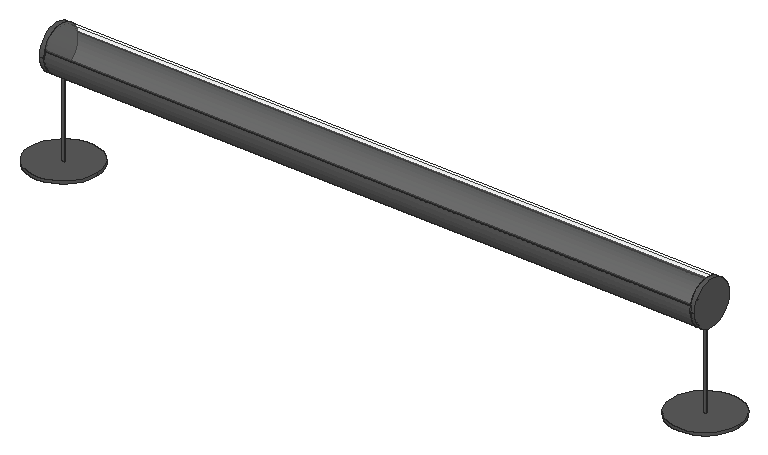
Revit family "66666", category Lighting Fixtures, host Face, Revit 2019
Family settings
  Host = Face
  Round Connector Dimension = Use Diameter
  Part Type = Normal
  OmniClass Number = 23.80.70.11
  OmniClass Title = Luminaries for Internal Lighting
  Cut with Voids When Loaded = No
  Light Source = Yes
  Shared = No
  Room Calculation Point = No
Parameters (values of type "Not a Type - Load Type Catalog!")
  z_RS96 = Stem Mount with Canopy (SMC) : 96"
  z_RS90 = Stem Mount with Canopy (SMC) : 90"
  z_RS9 = Stem Mount with Canopy (SMC) : 9"
  z_RS84 = Stem Mount with Canopy (SMC) : 84"
  z_RS8 = Stem Mount with Canopy (SMC) : 8"
  z_RS78 = Stem Mount with Canopy (SMC) : 78"
  z_RS72 = Stem Mount with Canopy (SMC) : 72"
  z_RS66 = Stem Mount with Canopy (SMC) : 66"
  z_RS60 = Stem Mount with Canopy (SMC) : 60"
  z_RS6 = Stem Mount with Canopy (SMC) : 6"
  z_RS54 = Stem Mount with Canopy (SMC) : 54"
  z_RS48 = Stem Mount with Canopy (SMC) : 48"
  z_RS42 = Stem Mount with Canopy (SMC) : 42"
  z_RS36 = Stem Mount with Canopy (SMC) : 36"
  z_RS30 = Stem Mount with Canopy (SMC) : 30"
  z_RS27 = Stem Mount with Canopy (SMC) : 27"
  z_RS24 = Stem Mount with Canopy (SMC) : 24"
  z_RS21 = Stem Mount with Canopy (SMC) : 21"
  z_RS18 = Stem Mount with Canopy (SMC) : 18"
  z_RS15 = Stem Mount with Canopy (SMC) : 15"
  z_RS12 = Stem Mount with Canopy (SMC) : 12"
  z_AC10 = Aircraft Cable : with Canopy 10' (AC10)
  z_AC05 = Aircraft Cable : with Canopy 5' (AC05)
  z_RO Start = Run : Start Fixture
  z_RO Standalone = Run : Standalone Fixture
  z_RO Middle = Run : Middle Fixture
  z_RO End = Run : End Fixture
  z_Geometry Position [instance] = [z_Cord/rod length parameter] + 0' 1 19/32"  # 0' - 7 19/32"
  z_Connector Position [instance] = if(or(Run Option = z_RO Standalone, Run Option = z_RO Start), 0' 0", Length - 2 * 0' 0 21/128")  # 0' - 0"
  z_Array No 01 [instance] = if(or(Run Option = z_RO Standalone, Run Option = z_RO Start, and(Run Option = z_RO End, [Emergency Circuit - End Fixture])), 3, 2)  # 3
  z_Angle [instance] = 90.00°  # constant formula
  Width = 0' - 3 51/256"  # constant formula
  Weight = 0.00 lbf
  Wattage Comments = ""
  Wattage = 9.2903 W
  Voltage Range = ""
  built-in parameter 1150110 = 1 (stored number, unit not read)
  Voltage = 120 V
  URL = "https://starteklightingamerica.com/optimo-direct/"
  Type Comments = "Linear Lighting Fixture"  # constant formula
  built-in parameter 1114217 = 1 (stored number, unit not read)
  Tilt Angle = 90.00°  # constant formula
  built-in parameter 1150109 = 1 (stored number, unit not read)
  built-in parameter 1150134 = (empty or 0)
  built-in parameter 1150113 = 1 (stored number, unit not read)
  z_Stem/Cord Left [instance] = and(or(Run Option = z_RO Start, Run Option = z_RO Standalone), or(Mounting Option = z_AC05, Mounting Option = z_AC10, Mounting Option = z_RS6, Mounting Option = z_RS8, Mounting Option = z_RS9, Mounting Option = z_RS12, Mounting Option = z_RS15, Mounting Option = z_RS18, Mounting Option = z_RS21, Mounting Option = z_RS24, Mounting Option = z_RS27, Mounting Option = z_RS30, Mounting Option = z_RS36, Mounting Option = z_RS42, Mounting Option = z_RS48, Mounting Option = z_RS54, Mounting Option = z_RS60, Mounting Option = z_RS66, Mounting Option = z_RS72, Mounting Option = z_RS78, Mounting Option = z_RS84, Mounting Option = z_RS90, Mounting Option = z_RS96))  # yes
  z_Right Cap [instance] = or(Run Option = z_RO Standalone, Run Option = z_RO End)  # yes
  z_Stem/Cord [instance] = or(Mounting Option = z_AC05, Mounting Option = z_AC10, Mounting Option = z_RS6, Mounting Option = z_RS8, Mounting Option = z_RS9, Mounting Option = z_RS12, Mounting Option = z_RS15, Mounting Option = z_RS18, Mounting Option = z_RS21, Mounting Option = z_RS24, Mounting Option = z_RS27, Mounting Option = z_RS30, Mounting Option = z_RS36, Mounting Option = z_RS42, Mounting Option = z_RS48, Mounting Option = z_RS54, Mounting Option = z_RS60, Mounting Option = z_RS66, Mounting Option = z_RS72, Mounting Option = z_RS78, Mounting Option = z_RS84, Mounting Option = z_RS90, Mounting Option = z_RS96)  # yes
  Run Option [instance] = Run : Standalone Fixture
  Product data url = "https://www.bimobject.com/startek-lighting/product/optimo_direct_indirect"
  Product Material [instance] = StarTek Lighting - Aluminum - Powder Coat Black
  Product Guid = "238ea46f-5e4f-4156-8c1f-09dc676d21ec"
  Power Factor = 1
  Photometric Web File = "Generic Light Source Shown : Please download and link the IES file that best matches your fixture specification"
  Photometric Note = "Import IES files https://starteklightingamerica.com/"  # constant formula
  Phase = 1
  Number of Poles = 1
  Mounting Option [instance] = Stem Mount with Canopy (SMC) : 6"
  Mount Finish Note [instance] = "Aircraft cables with canopy can be ordered in white (ACW) and black (ACB)."  # constant formula
  Mount Finish [instance] = StarTek Lighting - Aluminum - Powder Coat Black
  Model = ""
  z_Min Cord/Rod Length [instance] = 0' - 1"  # constant formula
  z_Max Cord/Rod Length [instance] = if(Mounting Option = z_AC05, 5' 0", if(Mounting Option = z_AC10, 10' 0", 10' 0"))  # 10' - 0"
  Manufacturer = "StarTek Lighting"  # constant formula
  z_Left Mounting Point Distance [instance] = Length / 2 - 0' 0 21/128"  # 1' - 11 107/128"
  built-in parameter 1150105 = 109.82 (stored number, unit not read)
  Lumens = 1380 lm
  built-in parameter 1150115 = 1 (stored number, unit not read)
  built-in parameter 1150137 = (empty or 0)
  built-in parameter 1150139 = (empty or 0)
  Length = 4' - 0"
  z_Left Cap [instance] = or(Run Option = z_RO Standalone, Run Option = z_RO Start)  # yes
  Lamp length 8' = Length = 8' 0"  # no
  Lamp length 4' = Length = 4' 0"  # yes
  built-in parameter 1150112 = 1 (stored number, unit not read)
  built-in parameter 1150114 = 1 (stored number, unit not read)
  Lamp = "LED"  # constant formula
  Keynote = "16500"
  Input Wattage = 0 W
  built-in parameter 1150132 = 2
  built-in parameter 1150102 = (empty or 0)
  built-in parameter 1150107 = 3201 (stored number, unit not read)
  built-in parameter 1150138 = (empty or 0)
  Indirect Distribution = "CL"
  built-in parameter 1150106 = 1.0982 (stored number, unit not read)
  Height = 0' - 3 51/256"  # constant formula
  Frequency = 0 Hz
  Field Specified Cable Length Override [instance] = no
  Emit from Rectangle Width = 0' - 3 21/256"  # constant formula
  Emit from Rectangle Length = Length - 2 * 0' 0 19/128"  # 3' - 11 45/64"
  Emit Shape Visible in Rendering = no
  Emergency Circuit - End Fixture [instance] = no
  built-in parameter 1150104 = 13.8 (stored number, unit not read)
  Edition number = 1
  Direct Distribution = "SD"
  Dimming Lamp Color Temperature Shift = <None>
  Description = "Optimo Direct-Indirect"  # constant formula
  Electrical Disconnect = yes
  Default Elevation = 4' - 0"
  z_Cord/rod length parameter [instance] = if(Mounting Option = z_RS6, 0' 6", if(Mounting Option = z_RS8, 0' 8", if(Mounting Option = z_RS9, 0' 9", if(Mounting Option = z_RS12, 1' 0", if(Mounting Option = z_RS15, 1' 3", if(Mounting Option = z_RS18, 1' 6", if(Mounting Option = z_RS21, 1' 9", if(Mounting Option = z_RS24, 2' 0", if(Mounting Option = z_RS27, 2' 3", if(Mounting Option = z_RS30, 2' 6", if(Mounting Option = z_RS36, 3' 0", if(Mounting Option = z_RS42, 3' 6", if(Mounting Option = z_RS48, 4' 0", if(Mounting Option = z_RS54, 4' 6", if(Mounting Option = z_RS60, 5' 0", if(Mounting Option = z_RS66, 5' 6", if(Mounting Option = z_RS72, 6' 0", if(Mounting Option = z_RS78, 6' 6", if(Mounting Option = z_RS84, 7' 0", if(Mounting Option = z_RS90, 7' 6", if(Mounting Option = z_RS96, 8' 0", if(and(not(Field Specified Cable Length Override), Mounting Option = z_AC05), 5' 0", if(and(not(Field Specified Cable Length Override), Mounting Option = z_AC10), 10' 0", if(and(Field Specified Cable Length Override, [Cord/Rod Length] > [z_Max Cord/Rod Length]), [z_Max Cord/Rod Length], if(and(Field Specified Cable Length Override, [Cord/Rod Length] < [z_Min Cord/Rod Length]), [z_Min Cord/Rod Length], [Cord/Rod Length])))))))))))))))))))))))))  # 0' - 6"
  Cord/Rod Length [instance] = 5' - 0"
  Color Filter = 16777215
  CRI = "80"
  built-in parameter 1114218 = 1 (stored number, unit not read)
  built-in parameter 1150133 = 10 (stored number, unit not read)
  Color [instance] = "Available Options: Powder Coat White (PW), Powder Coat Black (PB), Powder Coat Silver (PS), Powder Coat Bronze (PBR), Brushed Champagne (BCH), Powder Coat Other (PO), Premium Stock Finish (PSF)"  # constant formula
  Assembly Code = "D5020200"
  Apparent Load = Input Wattage / (Power Factor * Number of Poles)  # 0 VA
  z_AC [instance] = or(Mounting Option = z_AC05, Mounting Option = z_AC10)  # no
Reference planes (in)
  plane 1 "Center (Front/Back)": y = 0
  plane 2: z = 0
  plane 3 "Center (Left/Right)": x = 0
  plane 4: z = 6
  plane 5: x = -23.83594
  plane 6: x = -24
  plane 7: x = 24
  plane 8: x = -23.63
  plane 9: x = 23.63
  plane 10: z = 7.59375
  plane 11: x = -23.83594
Forms (in)
  Sweep 1, solid, not visible
    path origin (0, 0, 0) x (0, 1, 0) y (0, 0, 1)
      loop
        line (0, 7.59375) -> (0, 7.98664)
    profile origin (0, 0, 7.79019) x (0, -1, 0) y (1, 0, 0)
      loop
        circle (0, 0) r 0.03213
Lines and regions (in)
  Masking region 1, not visible
    outline origin (0, 0, 0) x (1, 0, 0) y (0, 0, 1)
      loop
        line (20.16088, 0.19141) -> (20.16088, 0) -> (28.16088, 0) -> (28.16088, 0.19141) -> (24.00325, 0.19141) -> (24.00325, 3) -> (23.675, 3) -> (23.675, 0.19141) -> (20.16088, 0.19141)
  Masking region 2, not visible
    outline origin (0, 0, 0) x (1, 0, 0) y (0, 0, 1)
      loop
        line (-27.83912, 0.19141) -> (-27.83912, 0) -> (-19.83912, 0) -> (-19.83912, 0.19141) -> (-23.68067, 0.19141) -> (-23.68067, 3) -> (-24, 3) -> (-24, 0.19141) -> (-27.83912, 0.19141)
Dimensions and locks (in)
  "z_Cord/rod length parameter": plane 4 to plane 2
  "z_Left Mounting Point Distance": plane 3 "Center (Left/Right)" to plane 5
  equal spacing: plane 6, plane 3 "Center (Left/Right)", plane 7
  "Length": plane 6 to plane 7
  locked: plane 9 to plane 7 at 0.37
  locked: plane 6 to plane 8 at 0.37
  "z_Geometry Position": plane 10 to plane 2
  locked: Sweep 1 sketch curve to Sweep 1 sketch curve at 0.39289
  locked: nested 3 to plane 7 at 0.1625
  locked: plane 6 to nested 2 at 0.1625
  locked: imposter light to plane 4 at 1.59375
  Masking region 1 sketch curve to plane 7 to Masking region 1 sketch curve = 0' - 4.16088" locked, 0' - 3.83912" locked
  Masking region 2 sketch curve to plane 6 to Masking region 2 sketch curve = 0' - 4.16088" locked, 0' - 3.83912" locked
  locked: Masking region 2 sketch curve to plane 2 at 3
  locked: Masking region 1 sketch curve to plane 2 at 3
  Masking region 1 sketch curve to plane 7 to Masking region 1 sketch curve = 0' - 0.00325" locked, 0' - 0.325" locked
  Masking region 2 sketch curve to plane 6 to Masking region 2 sketch curve = 0' - 0.31933" locked, 0' - 0" locked
  locked: nested 4 to plane 6 at 8
  "z_Connector Position": plane 5 to plane 11
  equal spacing: group 1, group 2, group 3  (x3)
  "z_Angle": angle plane 10 to Sweep 1 sketch curve
  aligned and locked: plane 2 to host face
  aligned and locked: level to host face
  aligned and locked: plane 1 "Center (Front/Back)" to Sweep 1 sketch curve
  aligned and locked: plane 10 to Sweep 1 sketch curve
  aligned and locked: plane 3 "Center (Left/Right)" to nested 1
  aligned and locked: plane 1 "Center (Front/Back)" to nested 3
  aligned and locked: plane 1 "Center (Front/Back)" to nested 2
  aligned and locked: imposter light to plane 3 "Center (Left/Right)"
  aligned and locked: plane 1 "Center (Front/Back)" to nested 4
  aligned and locked: plane 11 to nested 6
  aligned and locked: plane 1 "Center (Front/Back)" to nested 6
Automatic sketch dimensions
  host sketch curve to host sketch curve = 8' - 0"  (x2)
  Sweep 1 sketch curve to plane 3 "Center (Left/Right)" = 0' - 0"
  Sweep 1 sketch curve to profile plane = 0' - 0"
  Masking region 2 sketch curve to level = 0' - 0"
  Masking region 2 sketch curve to Masking region 2 sketch curve = 0' - 0 49/256"  (x2)
  Masking region 1 sketch curve to level = 0' - 0"
  Masking region 1 sketch curve to Masking region 1 sketch curve = 0' - 0 49/256"  (x2)
  radius of Sweep 1 sketch curve = 0' - 0.03213"
Nested families (in)
  nested 1: "Geometry" at (0, 0, 7.59375) x (1, 0, 0) z (0, 0, -1), Left Cap <- "z_Left Cap", Right Cap <- "z_Right Cap", type "Geometry"
    with Right Cap yes, Mounting Height 8' - 0", Left Cap yes
  nested 2: "Aircraft Cable" at (-23.8375, 0, 0), visible <- "z_Stem/Cord Left", type "with Canopy 5' (AC05)"
  nested 3: "Aircraft Cable" at (23.8375, 0, 0), visible <- "z_Stem/Cord", type "with Canopy 5' (AC05)"
  nested 4: "Connection" at (-32, 0, 0), type "Connection"
  nested 5: "Connection" at (-27.91797, 0, 0), type "Connection"
  nested 6: "Connection" at (-23.83594, 0, 0), type "Connection"
Connectors (in)
  electrical at (-23.83594, 0, 0), driven by "Number of Poles", driven by "Voltage", driven by "Apparent Load", driven by "Power Factor", driven by "Apparent Load", driven by "Apparent Load", driven by "Apparent Load"
    settings: on nested 6, index 2, voltage 120 V, apparent load 0 VA, apparent load phase1 0 VA, apparent load phase2 0 VA, apparent load phase3 0 VA, power factor 1, load classification "Other", number of poles 1, system type 30, power factor state 1, is connector primary yes, connector utility no, sub classification motor no, connector description "Connector for Electrical Power"
Definition of nested family "Geometry"
  Parameters (values of type "Geometry")
    Width = 0' - 4.62"
    Right Cap [instance] = yes
    Mounting Height [instance] = 8' - 0"
    Manufacturer = ""
    Length = 4' - 0"
    Left Cap [instance] = yes
    Housing Material = none
    Default Elevation = 4' - 0"
  Reference planes (in)
    plane 1 "Light Source Axis (F/B)": y = 0
    plane 2: z = 0
    plane 3 "Light Source Axis (L/R)": x = 0
    plane 4 "Light Source Elevation": z = 0
    plane 5: x = -24.325
    plane 6: x = 24.325
    plane 7: y = -2.31
    plane 8: x = -24
    plane 9: x = 24
  Forms (in)
    Extrusion 1, solid, material <- "Housing Material", visible <- "Left Cap"
      sketch origin (0, 0, -94.40625) x (0, 1, 0) y (0, 0, 1)
        loop
          circle (0, 94.40625) r 1.59375
      from -24.325 to -24
    Extrusion 2, solid, material <- "Housing Material", visible <- "Right Cap"
      sketch origin (0, 0, -94.40625) x (0, 1, 0) y (0, 0, -1)
        loop
          circle (0, -94.40625) r 1.59375
      from -24.325 to -24
    Extrusion 3, solid, material <- "Housing Material"
      sketch origin (0, 0, -0.40625) x (0, 1, 0) y (0, 0, 1)
        loop
          arc (1.5411, 0) -> (1.42316, 1.12365) -> (0.59, 1.88677) r 1.59375
          line (0.59, 1.88677) -> (0.55298, 1.79387)
          arc (0.55298, 1.79387) -> (1.33976, 1.06681) -> (1.43745, 0) r 1.49375
          line (1.43745, 0) -> (1.5411, 0)
        loop
          arc (-1.43745, 0) -> (-1.33976, 1.06681) -> (-0.55298, 1.79387) r 1.49375
          line (-0.55298, 1.79387) -> (-0.59, 1.88677)
          arc (-0.59, 1.88677) -> (-1.42316, 1.12365) -> (-1.5411, 0) r 1.59375
          line (-1.5411, 0) -> (-1.43745, 0)
      from -24 to 24
    Extrusion 4, solid
      sketch origin (0, 0, -0.40625) x (0, 1, 0) y (0, 0, 1)
        loop
          arc (-1.5411, 0) -> (0, -1.1875) -> (1.5411, 0) r 1.59375
          line (1.5411, 0) -> (1.43745, 0)
          arc (1.43745, 0) -> (0, -1.0875) -> (-1.43745, 0) r 1.49375
          line (-1.43745, 0) -> (-1.5411, 0)
        loop
          arc (-0.55298, 1.79387) -> (0, 1.9) -> (0.55298, 1.79387) r 1.49375
          line (0.55298, 1.79387) -> (0.59, 1.88677)
          arc (0.59, 1.88677) -> (0, 2) -> (-0.59, 1.88677) r 1.59375
          line (-0.59, 1.88677) -> (-0.55298, 1.79387)
      from -24 to 24
  Lines and regions (in)
    Masking region 1
      outline origin (0, 0, 0) x (1, 0, 0) y (0, 1, 0)
        loop
          line (-24, 1.59375) -> (-24, -1.59375) -> (24, -1.59375) -> (24, 1.59375) -> (-24, 1.59375)
    Masking region 2, visible <- "Left Cap"
      outline origin (0, 0, 0) x (1, 0, 0) y (0, 1, 0)
        loop
          line (-24.325, 1.59375) -> (-24.325, -1.59375) -> (-24, -1.59375) -> (-24, 1.59375) -> (-24.325, 1.59375)
    Masking region 3, visible <- "Right Cap"
      outline origin (0, 0, 0) x (1, 0, 0) y (0, 1, 0)
        loop
          line (24, 1.59375) -> (24, -1.59375) -> (24.325, -1.59375) -> (24.325, 1.59375) -> (24, 1.59375)
    symbolic lines, detail levels fine
      curve 1: line (-24, 1.43745, 0) -> (24, 1.43745, 0)
      curve 2: line (24, 1.5411, 0) -> (-24, 1.5411, 0)
      curve 3: line (-24, -1.43745, 0) -> (24, -1.43745, 0)
      curve 4: line (-24, -1.5411, 0) -> (24, -1.5411, 0)
    symbolic lines, detail levels medium+fine
      curve 5: line (-24, 1.5411, 0) -> (-24, -1.5411, 0)
      curve 6: line (24, 1.5411, 0) -> (24, -1.5411, 0)
  Dimensions and locks (in)
    equal spacing: plane 5, plane 3 "Light Source Axis (L/R)", plane 6
    plane 7 to plane 1 "Light Source Axis (F/B)" = 0' - 2.31"
    locked: plane 5 to plane 8 at 0.325
    locked: plane 9 to plane 6 at 0.325
    "Length": plane 8 to plane 9
    diameter of Extrusion 1 sketch curve = 0' - 3 3/16"
    aligned and locked: level to plane 2
    aligned and locked: Extrusion 1 to plane 5
    aligned and locked: Extrusion 1 to plane 8
    aligned and locked: plane 9 to Extrusion 2
    aligned and locked: plane 6 to Extrusion 2
    aligned and locked: plane 8 to Extrusion 3
    aligned and locked: Extrusion 3 to plane 9
    aligned and locked: plane 8 to Extrusion 4
    aligned and locked: Extrusion 4 to plane 9
    aligned and locked: plane 8 to curve 2
    aligned and locked: plane 8 to curve 1
    aligned and locked: plane 8 to curve 3
    aligned and locked: plane 8 to curve 4
    aligned and locked: plane 9 to curve 2
    aligned and locked: plane 9 to curve 1
    aligned and locked: plane 9 to curve 3
    aligned and locked: plane 9 to curve 4
    aligned and locked: Masking region 1 to plane 9
    aligned and locked: plane 5 to Masking region 2 sketch curve
    aligned and locked: plane 8 to Masking region 2 sketch curve
    aligned and locked: Masking region 3 sketch curve to plane 6
    aligned and locked: Masking region 3 sketch curve to plane 9
  Automatic sketch dimensions
    Extrusion 1 sketch curve to plane 1 "Light Source Axis (F/B)" = 0' - 0"
    level to Extrusion 1 sketch curve = 0' - 0"
    Extrusion 2 sketch curve to plane 1 "Light Source Axis (F/B)" = 0' - 0"
    level to Extrusion 2 sketch curve = 0' - 0"
    Extrusion 4 sketch curve to Extrusion 4 sketch curve = 0' - 0"  (x6)
    Extrusion 4 sketch curve to level = 0' - 0 13/32"  (x2)
    Extrusion 4 sketch curve to plane 1 "Light Source Axis (F/B)" = 0' - 0"
    level to Extrusion 4 sketch curve = 0' - 0"
    Extrusion 4 sketch curve to plane 7 = 0' - 0.87255"
    Extrusion 4 sketch curve to Extrusion 4 sketch curve = 0' - 0.10366"
    Masking region 1 sketch curve to plane 7 = 0' - 0.71625"
    Masking region 1 sketch curve to plane 1 "Light Source Axis (F/B)" = 0' - 1 19/32"
    curve 4 to plane 7 = 0' - 0.7689"
    curve 5 to plane 1 "Light Source Axis (F/B)" = 0' - 1.5411"
    curve 6 to curve 3 = 0' - 0.10366"
    curve 1 to curve 2 = 0' - 0.10366"
    plane 5 to Masking region 1 sketch curve = 0' - 0.325"
    Masking region 1 sketch curve to plane 6 = 0' - 0.325"
    Masking region 2 sketch curve to plane 7 = 0' - 0.71625"
    Masking region 2 sketch curve to plane 1 "Light Source Axis (F/B)" = 0' - 1 19/32"
    Masking region 3 sketch curve to plane 7 = 0' - 0.71625"
    Masking region 3 sketch curve to plane 1 "Light Source Axis (F/B)" = 0' - 1 19/32"
    Extrusion 3 sketch curve to Extrusion 3 sketch curve = 0' - 0"  (x6)
    Extrusion 3 sketch curve to level = 0' - 0"
    Extrusion 3 sketch curve to plane 1 "Light Source Axis (F/B)" = 0' - 0"
    Extrusion 3 sketch curve to plane 7 = 0' - 0.7689"
    Extrusion 3 sketch curve to plane 1 "Light Source Axis (F/B)" = 0' - 0.55298"
    Extrusion 3 sketch curve to level = 0' - 0 13/32"  (x2)
    level to Extrusion 3 sketch curve = 0' - 1.38762"
    plane 1 "Light Source Axis (F/B)" to Extrusion 3 sketch curve = 0' - 0.55298"
    Extrusion 3 sketch curve to Extrusion 3 sketch curve = 0' - 0.03702"
    Extrusion 3 sketch curve to Extrusion 3 sketch curve = 0' - 1.14298"
    Extrusion 3 sketch curve to Extrusion 3 sketch curve = 0' - 0.10366"  (x2)
    Extrusion 4 sketch curve to Extrusion 4 sketch curve = 0' - 0.0929"  (x2)
    Extrusion 4 sketch curve to Extrusion 4 sketch curve = 0' - 0.03702"  (x2)
    level to Extrusion 4 sketch curve = 0' - 1.38762"
    Extrusion 4 sketch curve to plane 1 "Light Source Axis (F/B)" = 0' - 0.55298"
    radius of Extrusion 2 sketch curve = 0' - 1 19/32"
Definition of nested family "Aircraft Cable"
  Parameters (values of type "with Canopy 5' (AC05)")
    Height = 0' - 0"
    Default Elevation = 4' - 0"
    Cord material = none
    MAX cord length = 5' - 0"
    Cord length = 0' - 6"
    Canopy = yes
  Types (2): name | MAX cord length
    with Canopy 5' (AC05) | 5' - 0"
    with Canopy 10' (AC10) | 10' - 0"
  Reference planes (in)
    plane 1 "Center (Front/Back)": y = 0
    plane 2: z = 0
    plane 3 "Center (Left/Right)": x = 0
    plane 4 "canopy plane": z = 6
  Forms (in)
    Extrusion 1, solid, material <- "Cord material"
      sketch origin (0, 0, 0) x (1, 0, 0) y (0, 1, 0)
        loop
          circle (0, 0) r 0.09375
      from 0 to 6
    Extrusion 2, solid, material <- "Cord material", visible <- "Canopy"
      sketch origin (0, 0, 0.19141) x (-1, 0, 0) y (0, -1, 0)
        loop
          circle (0, 0) r 2.5
      from 0 to -0.19141
    Extrusion 3, solid, material <- "Cord material", visible <- "Canopy", not visible
      sketch origin (0, 0, 36) x (-1, 0, 0) y (0, -1, 0)
        loop
          circle (0, 0) r 2.5
      from 0 to -0.19141
  Dimensions and locks (in)
    "Cord length": plane 4 "canopy plane" to plane 2
    aligned and locked: plane 2 to level
    aligned and locked: plane 4 "canopy plane" to Extrusion 1
    aligned and locked: Extrusion 2 to plane 2
  Automatic sketch dimensions
    plane 1 "Center (Front/Back)" to Extrusion 1 sketch curve = 0' - 0"
    Extrusion 1 sketch curve to plane 3 "Center (Left/Right)" = 0' - 0"
    radius of Extrusion 1 sketch curve = 0' - 0 3/32"
    radius of Extrusion 2 sketch curve = 0' - 2 1/2"
    radius of Extrusion 3 sketch curve = 0' - 2 1/2"
Definition of nested family "Connection"
  Parameters (values of type "Connection")
    Default Elevation = 4' - 0"
  Reference planes (in)
    plane 1 "Center (Front/Back)": y = 0
    plane 2: z = 0
    plane 3 "Center (Left/Right)": x = 0
  Forms (in)
    Extrusion 1, solid
      sketch origin (0, 0, 0) x (1, 0, 0) y (0, 1, 0)
        loop
          line (-48, 48) -> (-48, -48) -> (48, -48) -> (48, 48) -> (-48, 48)
      from 0 to -12
    Extrusion 2, solid, not visible
      sketch origin (0, 0, 0) x (1, 0, 0) y (0, 1, 0)
        loop
          circle (0, 0) r 0.7874
      from 0 to -0.45531
  Dimensions and locks (in)
    aligned and locked: plane 2 to Extrusion 1
    aligned and locked: level to Extrusion 1
